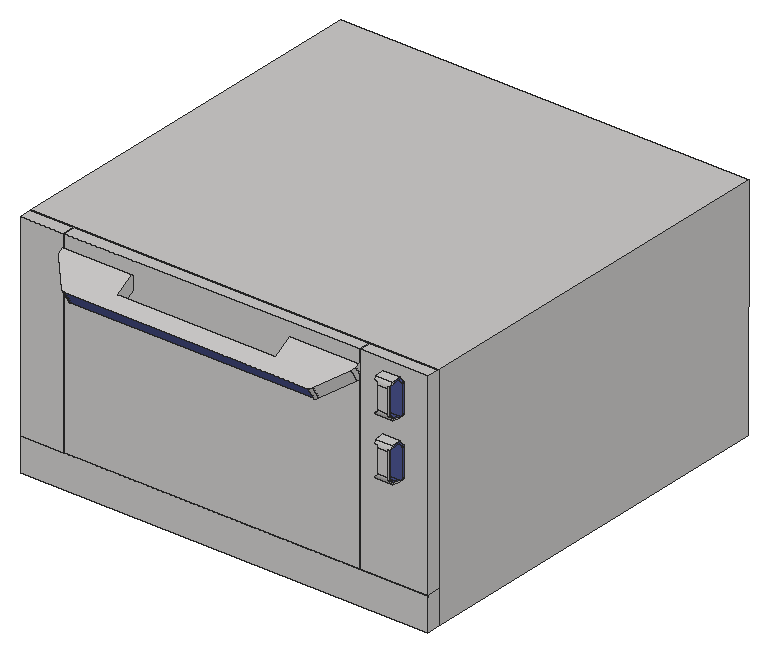
Revit family "QF_ELECTROLUXPROFESSIONAL_588587_MB8ACAHOAO", category Attrezzature speciali, Revit 2020
Family settings
  Quota connettore circolare = Usa diametro
  Tipo di parte = Normale
  Basato su piano di lavoro = No
  Sempre verticale = Sì
  Taglio con vuoti quando caricato = No
  Condiviso = No
  Punto di calcolo locali = No
Parameters (values of type "Standard")
  Weight = 98.00 kg
  Watts = 5000 W
  Volts = 400 V
  URL Manufacturer = "https://www.electroluxprofessional.com/"
  URL = "https://www.electroluxprofessional.com/"
  Steam Supply Size = 0"
  Steam Supply Minimum Pressure = 0.00 psi
  Steam Supply Maximum Pressure = 0.00 psi
  Steam Consumption per Hour = 0
  Refrigeration Suction Line Size = 0 mm
  Refrigeration Liquid Line Size = 0 mm
  Refrigerant Compressor Remote = yes
  Prospetto di default = 0 mm
  Phase = 3
  Modello = "MB8ACAHOAO"
  Produttore = "Electrolux Professional"
  Length Actual = 800 mm  # constant formula
  Item Number = "588587"
  Hot Water Size = 0"
  Height Actual = 450 mm  # constant formula
  HP = "6.7 HP"
  Gas Size = 0"
  Gas KW = 0
  Gas Input Pressure = 0.0 Btu/h
  Direct Waste Size = 0"
  Descrizione = "ELECTRIC STATIC OVEN,1-SIDE,800X850X450H"
  Depth Actual = 850 mm  # constant formula
  Cycle = 50 Hz
  Condensate Return Size = 0"
  Compressed Air Volume = 0 GPM
  Compressed Air Size = 0"
  Compressed Air Pressure = 0.00 psi
  Cold Water Size = 0"
  Accessory = yes
Reference planes
  plane 1 "BACK": y = 50
  plane 2: z = 0
  plane 3 "LEFT": x = 0
  plane 4 "RIGHT": x = 800
  plane 5 "FRONT": y = -800
  plane 6 "TOP": z = 900
  plane 7 "Center (Left/Right)": x = 400
  plane 8: y = -375
  plane 9: z = 200
  plane 10: y = -150
  plane 11 "Panel": y = -755
  plane 12: z = 798
  plane 13: z = 1327
  plane 14: x = 78
  plane 15: x = 722
  plane 16: y = -100
  plane 17: y = -600
  plane 18 "EIx": x = 755
  plane 19 "EIy": y = -585
Forms (mm)
  Extrusion 1, solid, material "QF_Finishes_Stainless Steel"
    sketch origin (0, 0, 0) x (0, 1, 0) y (0, 0, 1)
      loop
        line (-755, 200) -> (-755, 265) -> (-780, 265) -> (-780, 200) -> (-755, 200)
    from 0 to 800
  Extrusion 2, solid, material "QF_Finishes_Stainless Steel"
    sketch origin (-588.969, -4562, 200) x (-1, 0, 0) y (0, -1, 0)
      loop
        circle (-1343.969, -3977) r 6.35
    from 0 to -11.851
  Extrusion 3, solid, material "QF_Finishes_Stainless Steel"
    sketch origin (-178.969, -4572, 200) x (-1, 0, 0) y (0, -1, 0)
      loop
        line (-178.969, -4577) -> (-178.969, -3817) -> (-978.969, -3817) -> (-978.969, -4577) -> (-178.969, -4577)
    from 450 to 0
  Extrusion 4, solid, material "QF_Finishes_Stainless Steel"
    sketch origin (0, 0, 0) x (0, 1, 0) y (0, 0, 1)
      loop
        line (-755, 265) -> (-780.03, 265) -> (-780.03, 200) -> (-755, 200) -> (-755, 265)
    from 0 to 800
Lines and regions (mm)
  symbolic lines, style "SpecialityEquipmentHiddenLines"
    curve 1: line (0, 50, 200) -> (800, 50, 200)
    curve 2: line (0, -800, 200) -> (0, 50, 200)
    curve 3: line (800, -800, 200) -> (0, -800, 200)
    curve 4: line (800, 50, 200) -> (800, -800, 200)
Dimensions and locks
  plane 3 "LEFT" to plane 4 "RIGHT" = 800 mm
  plane 5 "FRONT" to plane 1 "BACK" = 850 mm
  equal spacing: plane 3 "LEFT", plane 7 "Center (Left/Right)", plane 4 "RIGHT"
  equal spacing: plane 5 "FRONT", plane 8, plane 1 "BACK"
  plane 6 "TOP" to level = 900 mm  (x2)
  plane 9 to level = 200 mm
  plane 1 "BACK" to plane 10 to plane 11 "Panel" = 200 mm, 605 mm  (x2)
  plane 6 "TOP" to plane 9 to level = 700 mm, 200 mm
  plane 1 "BACK" to plane 5 "FRONT" = 850 mm
  plane 1 "BACK" to Extrusion 2 = 635 mm
  plane 12 to plane 9 = 598 mm
  plane 13 to plane 6 "TOP" = 427 mm
  plane 6 "TOP" to plane 12 = 102 mm
  plane 14 to plane 3 "LEFT" = 78 mm
  plane 15 to plane 4 "RIGHT" = 78 mm
  locked: plane 1 "BACK" to plane 16 at 150
  locked: plane 16 to plane 17 at 500
  plane 11 "Panel" to plane 5 "FRONT" = 45 mm
  plane 18 "EIx" to plane 4 "RIGHT" = 45 mm
  plane 19 "EIy" to plane 1 "BACK" = 635 mm
  aligned and locked: level to plane 2
  aligned and locked: Extrusion 1 to plane 4 "RIGHT"
  aligned and locked: plane 3 "LEFT" to nested 1
Automatic sketch dimensions
  Extrusion 1 sketch curve to plane 9 = 0 mm
  Extrusion 1 sketch curve to plane 11 "Panel" = 0 mm
  Extrusion 1 sketch curve to plane 5 "FRONT" = 20 mm
  plane 9 to Extrusion 1 sketch curve = 65 mm
  Extrusion 2 sketch curve to plane 18 "EIx" = 0 mm
  Extrusion 2 sketch curve to plane 19 "EIy" = 0 mm
  plane 1 "BACK" to curve 1 = 0 mm
  curve 1 to plane 4 "RIGHT" = 0 mm
  curve 2 to plane 3 "LEFT" = 0 mm
  plane 5 "FRONT" to curve 3 = 0 mm
  Extrusion 3 sketch curve to plane 4 "RIGHT" = 0 mm
  Extrusion 3 sketch curve to plane 3 "LEFT" = 0 mm
  Extrusion 3 sketch curve to plane 11 "Panel" = 0 mm
  plane 1 "BACK" to Extrusion 3 sketch curve = 45 mm
  Extrusion 4 sketch curve to plane 9 = 0 mm
  Extrusion 4 sketch curve to plane 11 "Panel" = 0 mm
  Extrusion 4 sketch curve to plane 5 "FRONT" = 19.97 mm
  Extrusion 4 sketch curve to Extrusion 4 sketch curve = 65 mm
  radius of Extrusion 2 sketch curve = 6.35 mm
Nested families
  nested 1: "Door_Panel_W800_A" at (300, -755, 0), type "Door_Panel_W800_A"
  nested 2: "FIT Range Control Handle" at (730, -783.167, -372.751), type "FIT Range Control Handle"
  nested 3: "FIT Range Control Handle" at (730, -783.167, -484.751), type "FIT Range Control Handle"
Connectors
  electrical at (755, -585, 188.149)
    settings: on Extrusion 2, index 1, voltage 400 V, apparent load 33000 VA, apparent load phase1 0 VA, apparent load phase2 0 VA, apparent load phase3 0 VA, power factor 1, load classification "Other", number of poles 1, system type 30, power factor state 1, is connector primary yes, connector utility no, sub classification motor no, connector description "ELECTRICAL CONNECTION"
Definition of nested family "Door_Panel_W800_A"
  Parameters
    Default Elevation = 0 mm
  Reference planes
    plane 1 "Center (Front/Back)": y = 0
    plane 2 "Ref. Level": z = 0
    plane 3: x = 500
    plane 4: x = -300
    plane 5 "Center (Left/Right)": x = 100
    plane 6: x = -215
    plane 7: x = 365
    plane 8 "Manopola": through (-6096, -50.059, 612.389) normal (0, -0.515, 0.8572)
    plane 9 "Top": z = 650
    plane 10: z = 265
    plane 11: z = 200
  Forms (mm)
    Extrusion 1, solid
      sketch origin (100, 0, 0) x (0, 1, 0) y (0, 0, 1)
        loop
          line (-25.03, 650) -> (-25.03, 265) -> (0, 265) -> (0, 650) -> (-25.03, 650)
      from 265 to 400
    Extrusion 2, solid
      sketch origin (100, 0, 0) x (0, 1, 0) y (0, 0, 1)
        loop
          line (-25.03, 650) -> (-25.03, 265) -> (0, 265) -> (0, 650) -> (-25.03, 650)
      from -400 to -315
    Extrusion 3, solid
      sketch origin (100, 0, 0) x (0, 1, 0) y (0, 0, 1)
        loop
          line (-25.03, 650) -> (-25.03, 265) -> (0, 265) -> (0, 650) -> (-25.03, 650)
      from -315 to 265
    Extrusion 4, solid
      sketch origin (0, -283.633, 472.044) x (0, 0.857167, 0.515038) y (-1, 0, 0)
        loop
          line (299.12, -365) -> (299.12, 215) -> (290.982, 215)
          arc (290.982, 215) -> (286.677, 214.026) -> (283.211, 211.293) r 10
          line (283.211, 211.293) -> (233.28, 170.86)
          arc (233.28, 170.86) -> (230.548, 167.394) -> (229.574, 163.089) r 10
          line (229.574, 163.089) -> (229.574, -313.089)
          arc (229.574, -313.089) -> (230.548, -317.394) -> (233.28, -320.86) r 10
          line (233.28, -320.86) -> (283.211, -361.293)
          arc (283.211, -361.293) -> (286.677, -364.026) -> (290.982, -365) r 10
          line (290.982, -365) -> (299.12, -365)
      from -27 to 0
    Extrusion 5, void
      sketch origin (100, 0, 0) x (0, 1, 0) y (0, 0, 1)
        loop
          line (-61.514, 605.507) -> (-47.608, 582.363) -> (-25.03, 595.93) -> (-25.03, 627.429) -> (-61.514, 605.507)
      from -180 to 130
    Extrusion 6, solid, detail levels coarse
      sketch origin (100, 0, 0) x (0, 1, 0) y (0, 0, 1)
        loop
          line (-25.03, 265) -> (-25.03, 650)
          arc (-25.03, 650) -> (-297.266, 537.236) -> (-410.03, 265) r 385
          line (-410.03, 265) -> (-25.03, 265)
      from -315 to 265
  Cuts and joins
    Extrusion 5 cuts Extrusion 4
    joined: Extrusion 3, Extrusion 4
  Lines and regions (mm)
    symbolic lines
      curve 1: line (-207.355, -45.043, 0) -> (-170.86, -83.673, 0)
      curve 2: line (-163.089, -86.85, 0) -> (313.089, -86.85, 0)
      curve 3: line (320.86, -83.673, 0) -> (357.355, -45.043, 0)
      curve 4: arc (-163.089, -86.85, 0) -> (-167.318, -86.101, 0) -> (-170.86, -83.673, 0) r 10.165
      curve 5: arc (313.089, -86.85, 0) -> (317.318, -86.101, 0) -> (320.86, -83.673, 0) r 10.165
      curve 6: line (-215, -45.043, 0) -> (-215, -410.03, 0)
      curve 7: line (-215, -410.03, 0) -> (365, -410.03, 0)
      curve 8: line (365, -410.03, 0) -> (365, -45.03, 0)
  Dimensions and locks
    plane 3 to plane 4 = 800 mm
    plane 4 to plane 3 = 800 mm
    equal spacing: plane 3, plane 5 "Center (Left/Right)", plane 4
    plane 6 to plane 4 = 85 mm
    plane 3 to plane 7 = 135 mm
    plane 11 to level = 200 mm
    plane 10 to plane 11 = 65 mm
    plane 10 to plane 9 "Top" = 385 mm
    plane 9 "Top" to plane 11 = 450 mm
    aligned and locked: plane 3 to Extrusion 1
    aligned and locked: cut or joined group of Extrusion 3, Extrusion 4, Extrusion 5 to plane 6
    aligned and locked: cut or joined group of Extrusion 3, Extrusion 4, Extrusion 5 to plane 7
    aligned and locked: plane 7 to Extrusion 1
    aligned and locked: plane 6 to Extrusion 2
    aligned and locked: Extrusion 2 to plane 4
    aligned and locked: plane 10 to Extrusion 2
    aligned and locked: plane 10 to cut or joined group of Extrusion 3, Extrusion 4, Extrusion 5
    aligned and locked: plane 10 to Extrusion 1
    aligned and locked: Extrusion 6 to plane 6
    aligned and locked: Extrusion 6 to plane 7
  Automatic sketch dimensions
    Extrusion 5 sketch curve to plane 8 "Manopola" = 0 mm  (x2)
    plane 1 "Center (Front/Back)" to Extrusion 5 sketch curve = 61.514 mm
    Extrusion 5 sketch curve to Extrusion 5 sketch curve = 13.906 mm
    plane 1 "Center (Front/Back)" to Extrusion 5 sketch curve = 25.03 mm
    Extrusion 4 sketch curve to plane 7 = 0 mm
    Extrusion 4 sketch curve to plane 6 = 0 mm
    plane 6 to Extrusion 4 sketch curve = 51.911 mm
    plane 7 to Extrusion 4 sketch curve = 44.14 mm
    Extrusion 4 sketch curve to Extrusion 4 sketch curve = 3.707 mm  (x2)
    plane 6 to Extrusion 4 sketch curve = 44.14 mm
    plane 7 to Extrusion 4 sketch curve = 3.707 mm
    Extrusion 4 sketch curve to Extrusion 4 sketch curve = 49.93 mm  (x2)
    plane 6 to Extrusion 4 sketch curve = 3.707 mm
    Extrusion 4 sketch curve to Extrusion 4 sketch curve = 7.771 mm  (x3)
    Extrusion 4 sketch curve to Extrusion 4 sketch curve = 8.138 mm
    Extrusion 2 sketch curve to plane 1 "Center (Front/Back)" = 0 mm
    Extrusion 3 sketch curve to plane 1 "Center (Front/Back)" = 0 mm
    Extrusion 1 sketch curve to plane 1 "Center (Front/Back)" = 0 mm
    Extrusion 2 sketch curve to plane 9 "Top" = 0 mm
    Extrusion 2 sketch curve to Extrusion 2 sketch curve = 25.03 mm
    Extrusion 3 sketch curve to plane 9 "Top" = 0 mm
    Extrusion 3 sketch curve to Extrusion 3 sketch curve = 25.03 mm
    Extrusion 1 sketch curve to plane 9 "Top" = 0 mm
    plane 1 "Center (Front/Back)" to Extrusion 1 sketch curve = 25.03 mm
    level to Extrusion 1 sketch curve = 265 mm
    level to Extrusion 2 sketch curve = 265 mm
    level to Extrusion 3 sketch curve = 265 mm
    plane 10 to Extrusion 6 sketch curve = 0 mm
    Extrusion 6 sketch curve to plane 9 "Top" = 0 mm
    plane 1 "Center (Front/Back)" to Extrusion 6 sketch curve = 25.03 mm
    curve 7 to plane 7 = 0 mm
    plane 6 to curve 1 = 44.14 mm
    curve 4 to curve 4 = 7.389 mm
    curve 4 to curve 2 = 7.771 mm
    plane 7 to curve 2 = 51.911 mm
    curve 2 to curve 5 = 0.382 mm
    curve 2 to curve 3 = 7.771 mm
    plane 1 "Center (Front/Back)" to curve 6 = 410.03 mm
    plane 1 "Center (Front/Back)" to curve 2 = 86.85 mm
    curve 2 to curve 3 = 3.177 mm
    curve 2 to curve 1 = 3.177 mm
    plane 7 to curve 3 = 7.645 mm
    plane 1 "Center (Front/Back)" to curve 3 = 45.043 mm
    curve 3 to curve 8 = 0.013 mm
    curve 7 to plane 6 = 0 mm
    curve 6 to curve 1 = 7.645 mm
    plane 1 "Center (Front/Back)" to curve 1 = 45.043 mm
    curve 6 to curve 1 = 0 mm
Definition of nested family "FIT Range Control Handle"
  Parameters
    Default Elevation = 0 mm
  Reference planes
    plane 1 "Center (Front/Back)": y = 0
    plane 2: z = 0
    plane 3 "Center (Left/Right)": x = 0
    plane 4: z = 971.092
    plane 5: y = -16.8
  Forms (mm)
    Extrusion 1, solid
      sketch origin (-746.28, 380.497, 208.931) x (-1, 0, 0) y (0, 0, 1)
        loop
          line (-770.101, 786.798) -> (-770.101, 731.649)
          arc (-770.101, 731.649) -> (-769.759, 730.563) -> (-768.855, 729.87) r 1.893
          line (-768.855, 729.87) -> (-763.474, 727.911) -> (-729.81, 727.911) -> (-724.428, 729.87)
          arc (-724.428, 729.87) -> (-723.525, 730.563) -> (-723.183, 731.649) r 1.893
          line (-723.183, 731.649) -> (-723.183, 786.798)
          arc (-723.183, 786.798) -> (-723.529, 787.894) -> (-724.44, 788.593) r 1.91
          line (-724.44, 788.593) -> (-729.683, 790.819) -> (-763.601, 790.819) -> (-768.844, 788.593)
          arc (-768.844, 788.593) -> (-769.755, 787.894) -> (-770.101, 786.798) r 1.91
      from -382.35 to -378.852
    Sweep 2, solid
      path origin (-746.788, 380.496, 208.091) x (0, -1, 0) y (0, 0, 1)
        loop
          line (379.775, 793.281) -> (395.661, 791.048)
          arc (395.661, 791.048) -> (397.781, 787.377) -> (398.517, 783.202) r 12.207
          line (398.517, 783.202) -> (398.517, 737.368)
          arc (398.517, 737.368) -> (397.781, 733.193) -> (395.661, 729.522) r 12.207
          line (395.661, 729.522) -> (379.775, 727.289)
      profile origin (-746.788, -7.222, 1000.256) x (0, -0.139173, 0.990268) y (-1, 0, 0)
        loop
          line (0.782, -763.123) -> (0.782, -730.907) -> (-1.322, -730.907) -> (-1.322, -763.123) -> (0.782, -763.123)
    Sweep 3, solid
      path origin (-746.788, 380.715, 207.832) x (0, -1, 0) y (0, 0, 1)
        loop
          line (380.478, 795.442) -> (397.218, 793.09)
          arc (397.218, 793.09) -> (399.929, 788.473) -> (400.871, 783.202) r 15.207
          line (400.871, 783.202) -> (400.871, 737.584)
          arc (400.871, 737.584) -> (399.914, 732.274) -> (397.164, 727.633) r 15.207
          line (397.164, 727.633) -> (380.601, 725.305)
      profile origin (-746.788, -8.132, 1002.099) x (0, -0.139173, 0.990268) y (-1, 0, 0)
        loop
          line (0.782, -763.123) -> (0.782, -730.907) -> (-1.322, -730.907) -> (-1.322, -763.123) -> (0.782, -763.123)
    Extrusion 4, void
      sketch origin (889.253, 220.666, 207.993) x (1, 0, 0) y (0, 0, 1)
        loop
          line (-943.038, 816.854) -> (-943.038, 703.686) -> (-899.466, 734.196) -> (-899.466, 786.344) -> (-943.038, 816.854)
      from 230.636 to 242.25
    Extrusion 5, void
      sketch origin (-888.8, 220.666, 207.993) x (-1, 0, 0) y (0, 0, -1)
        loop
          line (-943.038, -816.854) -> (-899.466, -786.344) -> (-899.466, -734.196) -> (-943.038, -703.686) -> (-943.038, -816.854)
      from 230.636 to 242.25
    Extrusion 6, solid
      sketch origin (0, 0, 0) x (1, 0, 0) y (0, 0, 1)
        loop
          circle (0, 971.092) r 7.736
      from -3.137 to -1.645
  Cuts and joins
    Extrusion 4, Extrusion 5 cuts Sweep 3
    Extrusion 4, Extrusion 5 cuts Sweep 2
    joined: Extrusion 1, Extrusion 6
  Lines and regions (mm)
    symbolic lines
      curve 1: line (-15.881, -19.189, 0) -> (-15.881, -16.8, 0)
      curve 2: line (16.334, -19.189, 0) -> (16.334, -16.8, 0)
      curve 3: spline (-15.881, -19.189, 0) -> (-15.417, -19.349, 0) -> (-14.951, -19.501, 0) -> (-14.483, -19.646, 0) -> (-14.014, -19.783, 0) -> (-13.543, -19.912, 0) -> (-13.071, -20.033, 0) -> (-12.597, -20.146, 0) -> (-12.122, -20.251, 0) -> (-11.646, -20.349, 0) -> (-11.169, -20.438, 0) -> (-10.691, -20.52, 0) -> (-10.213, -20.593, 0)
      curve 4: spline (10.666, -20.593, 0) -> (11.144, -20.52, 0) -> (11.622, -20.438, 0) -> (12.099, -20.349, 0) -> (12.575, -20.251, 0) -> (13.05, -20.146, 0) -> (13.524, -20.033, 0) -> (13.996, -19.912, 0) -> (14.467, -19.783, 0) -> (14.936, -19.646, 0) -> (15.404, -19.501, 0) -> (15.87, -19.349, 0) -> (16.334, -19.189, 0)
      curve 5: line (-10.213, -20.938, 0) -> (10.716, -20.938, 0)
  Dimensions and locks
    cut or joined group of Sweep 3, Extrusion 4, Extrusion 5 to cut or joined group of Sweep 3, Extrusion 4, Extrusion 5 = 71.686 mm
